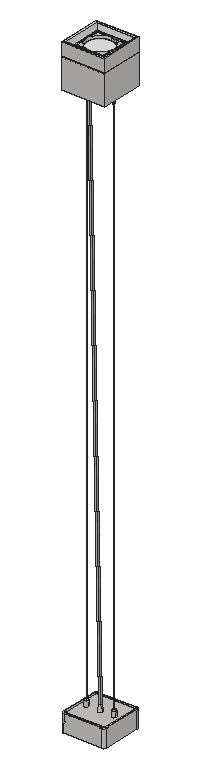
Revit family "Lighting-Luminii-Leto_44_Plus_P_SML (1)", category Lighting Fixtures, host Face, Revit 2023
Family settings
  Host = Face
  Round Connector Dimension = Use Diameter
  Part Type = Normal
  OmniClass Number = 23.80.70.11.14.11
  OmniClass Title = Downlights
  Cut with Voids When Loaded = No
  Light Source = Yes
  Maintain Annotation Orientation = No
  Shared = Yes
  Room Calculation Point = No
Parameters (values of type "Leto 44 Plus P SML")
  Width = 0' - 5 73/128"  # constant formula
  Wattage Comments = "6.5W"
  Wattage = 6.49954 W
  Warranty URL = "https://www.luminii.com/terms-conditions/"
  built-in parameter 1150110 = 1 (stored number, unit not read)
  Voltage Comments = "120V | 277V | 347V"  # constant formula
  Voltage = 120 V
  Version = "2020 - v1.0a"  # constant formula
  URL = "https://www.luminii.com/"
  built-in parameter 1114217 = 1 (stored number, unit not read)
  Tilt Angle = -90.00°  # constant formula
  built-in parameter 1150109 = 1 (stored number, unit not read)
  built-in parameter 1150134 = (empty or 0)
  built-in parameter 1150113 = 1 (stored number, unit not read)
  Support Phone = "224-699-9545"  # constant formula
  Support Email = "mailto:support@bimsmith.com"
  Product Page URL = "https://www.luminii.com/product/leto-44-plus-p-sml/"
  Power Source Type = "Driver"  # constant formula
  Power Factor = 1
  Photometric Web File = "709-A90-610-35-07-00.ies"
  Phase = 1
  Operating Temperature = "Consult Manufacturer Website for more Information"  # constant formula
  Number of Poles = if(and(or(Voltage = 120 V, Voltage = 277 V), Phase = 1), 1, if(and(or(Voltage = 208 V, Voltage = 240 V), Phase = 1), 2, if(and(or(Voltage = 208 V, Voltage = 240 V), Phase = 3), 3, if(and(Voltage > 300 V, Phase = 1), 2, if(and(Voltage > 400 V, Phase = 3), 3, 1)))))  # 1
  Mounting Method = "Ceiling Mount"  # constant formula
  Model = "709"  # constant formula
  Manufacturer Phone Number = "403-216-7043"  # constant formula
  Manufacturer Email = "mailto: info@sensolighting.com"
  Manufacturer Address = "302 50 Ave SE. Calgary, Alberta, T2G 2A9 Canada"  # constant formula
  Manufacturer = "Luminii"  # constant formula
  built-in parameter 1150105 = 55.704 (stored number, unit not read)
  Lumens = 700 lm
  Luminaire Type = "Pendant LED Downlight"  # constant formula
  built-in parameter 1150115 = 1 (stored number, unit not read)
  Load Classification = Lighting
  built-in parameter 1150137 = (empty or 0)
  built-in parameter 1150139 = (empty or 0)
  Lens Material = Plastic - Luminii - Frosted Lens
  Length [instance] = 0' - 5 73/128"  # constant formula
  built-in parameter 1150112 = 1 (stored number, unit not read)
  built-in parameter 1150114 = 1 (stored number, unit not read)
  Lamp Life = 1
  Lamp = "LED"  # constant formula
  Keynote = "26 50 00"
  built-in parameter 1150132 = 2
  built-in parameter 1150102 = (empty or 0)
  built-in parameter 1150107 = 3500 (stored number, unit not read)
  Initial Color Comments = "Perfomance based on 3500K Photometric Web File"  # constant formula
  built-in parameter 1150138 = (empty or 0)
  built-in parameter 1150106 = 0.55704 (stored number, unit not read)
  Housing Protection Rating = "Consult Manufacturer Website for more Information"  # constant formula
  Has Dimming = 1 = 1  # yes
  Has Battery Backup = 0 = 1  # no
  Frequency Comments = ""  # constant formula
  Frequency = 60 Hz
  Finish = Metal - Luminii - Silver Anodized Aluminum
  Environment = "Indoor"  # constant formula
  built-in parameter 1150104 = 10.006 (stored number, unit not read)
  Dimming Type = "Consult Manufacturer Website for more Information"  # constant formula
  Dimming Lamp Color Temperature Shift = <None>
  Description = "High power cube pendant"  # constant formula
  Depth = 0' - 5 73/128"  # constant formula
  Default Elevation = 0' - 0"  # constant formula
  Current Amps = 50 A
  Copyright = "©2023 Luminii"  # constant formula
  Control Zone = "Consult Manufacturer Website for more Information"  # constant formula
  Control Type = "Consult Manufacturer Website for more Information"  # constant formula
  Constraints = 1  # constant formula
  Color Filter = 16777215
  built-in parameter 1114216 [instance] = 0  # (empty or 0)
  Canopy Finish = Metal - Luminii - Silver Anodized Aluminum
  built-in parameter 1140040 [instance] = 1 = 1  # 1
  CCT = "3500K"
  C Canopy Offset [instance] = 0' - 2 9/32"  # constant formula
  Desired Cable Length [instance] = 6' - 0"  # constant formula
  built-in parameter 1114218 = 1 (stored number, unit not read)
  built-in parameter 1150133 = 10 (stored number, unit not read)
  Assembly Code = "D5020200"
  Apparent Load = Wattage / Power Factor  # 6.49954 VA
  Actual Cable Length [instance] = if(Desired Cable Length < 1' 0", 1' 0", if(Desired Cable Length > 8' 0", 8' 0", Desired Cable Length))  # 6' - 0"
Reference planes (in)
  plane 1 "Center (Front/Back)": y = 0
  plane 2: z = 0
  plane 3 "Center (Left/Right)": x = 0
  plane 4: x = 0
  plane 5: x = 0
  plane 6: y = 3.70117
  plane 7: y = -1.86914
  plane 8 "B": z = 2.28125
  plane 9 "A": z = 74.28125
  plane 10: z = 79.85156
Forms (in)
  Extrusion 1, solid, material "Metal - Luminii - Silver Anodized Aluminum", not visible
    sketch origin (0, 0, 0) x (1, 0, 0) y (0, 1, 0)
      loop
        circle (0, 0) r 0.5
    from 0 to -0.17225
  Blend 2, solid, material "Metal - Luminii - Silver Anodized Aluminum"
    base sketch origin (0, 0, 2.99287) x (-1, 0, 0) y (0, -1, 0)
      loop
        circle (0, 0) r 0.115
    top sketch origin (0, 0, 2.99287) x (-1, 0, 0) y (0, -1, 0)
      loop
        circle (0, 1.77184) r 0.115
    from 0 to 70.91436
Dimensions and locks (in)
  equal spacing: plane 4, plane 3 "Center (Left/Right)", plane 5
  plane 6 to plane 1 "Center (Front/Back)" to plane 7 = 0' - 3.70117", 0' - 1.86914"
  plane 4 to plane 5 = 0' - 0"
  "Width": plane 6 to plane 7
  "C Canopy Offset": plane 8 "B" to host face
  "Actual Cable Length": plane 9 "A" to plane 8 "B"
  "Length": plane 10 to plane 9 "A"
  locked: plane 10 to imposter light at 0.89373
  aligned and locked: plane 2 to host face
  aligned and locked: plane 3 "Center (Left/Right)" to Extrusion 1 sketch curve
  aligned and locked: plane 1 "Center (Front/Back)" to Extrusion 1 sketch curve
  aligned and locked: plane 2 to Extrusion 1  (x2)
  aligned and locked: imposter light to plane 3 "Center (Left/Right)"
  aligned and locked: imposter light to plane 1 "Center (Front/Back)"
  aligned and locked: plane 3 "Center (Left/Right)" to nested 1
  aligned and locked: plane 1 "Center (Front/Back)" to nested 1
  aligned and locked: plane 3 "Center (Left/Right)" to nested 2
  aligned and locked: nested 2 to plane 1 "Center (Front/Back)"
  aligned and locked: Blend 2 to nested 1
Automatic sketch dimensions
  host sketch curve to host sketch curve = 8' - 0"  (x2)
  Blend 2 sketch curve to nested 2 = 0' - 1.77184"
  radius of Extrusion 1 sketch curve = 0' - 0 1/2"
  radius of Blend 2 sketch curve = 0' - 0.115"
Nested families (in)
  nested 1: "Nested - Lamp" at (0, 0, 74.28125), type "Nested - Lamp"
  nested 2: "Nested - Canopy" at (0, 0, 0) x (0, 1, 0) z (0, 0, 1), type "Default"
Connectors (in)
  electrical at (0, 0, 0), driven by "Number of Poles", driven by "Load Classification", driven by "Voltage", driven by "Apparent Load", driven by "Power Factor"
    settings: on Extrusion 1, index 1, voltage 120 V, apparent load 6.49954 VA, apparent load phase1 0 VA, apparent load phase2 0 VA, apparent load phase3 0 VA, power factor 1, load classification "Lighting", number of poles 1, system type 30, power factor state 1, is connector primary yes, connector utility no, sub classification motor no, connector description "Power Connection"
Definition of nested family "Nested - Lamp"
  Parameters (values of type "Nested - Lamp")
    Width = 0' - 5.57087"  # constant formula
    Screen Material = none
    Inner Screen = none
    Height = 0' - 6.49606"  # constant formula
    Finish = none
    Default Elevation = 4' - 0"
    Constraint = 3
  Reference planes (in)
    plane 1 "Center (Front/Back)": y = 0
    plane 2: z = 0
    plane 3 "Center (Left/Right)": x = 0
    plane 4: y = 2.78543
    plane 5: y = -2.78543
    plane 6: x = -2.78543
    plane 7: x = 2.78543
  Forms (in)
    Extrusion 1, solid
      sketch origin (0, 0, 0) x (1, 0, 0) y (0, 1, 0)
        loop
          line (-48, 48) -> (-48, -48) -> (48, -48) -> (48, 48) -> (-48, 48)
      from 0 to -12
    Sweep 2, solid, material <- "Finish", detail levels medium+fine
      path origin (-0.03362, 1.25, 6.49606) x (0, 1, 0) y (-1, 0, 0)
        loop
          line (1.53543, -2.81906) -> (1.53543, 2.75181) -> (-4.03543, 2.75181) -> (-4.03543, -2.81906) -> (1.53543, -2.81906)
      profile origin (2.78543, 0, 6.49606) x (1, 0, 0) y (0, 0, 1)
        loop
          line (0, -6.49606) -> (0, -2.69685) -> (-0.04724, -2.69685) -> (-0.04724, -2.57874) -> (0, -2.57874) -> (0, -0.9252) -> (-0.10635, -0.9252) -> (-0.30013, -0.99573) -> (-0.62144, -1.55512) -> (-0.71063, -1.55512) -> (-0.7348, -1.83138)
          arc (-0.7348, -1.83138) -> (-0.77582, -1.8724) -> (-0.81683, -1.83138) r 0.04102
          line (-0.81683, -1.83138) -> (-0.87226, -1.43701) -> (-0.99999, -1.43701) -> (-0.99999, -2.05919) -> (-0.21654, -2.05919) -> (-0.21654, -6.29921) -> (-0.07874, -6.29921) -> (-0.07874, -6.49606) -> (0, -6.49606)
    Extrusion 3, solid, material <- "Screen Material"
      sketch origin (0, 0, 4.51901) x (1, 0, 0) y (0, 1, 0)
        loop
          circle (0, 0) r 1.68742
      from 0.14567 to 0.15757
    Extrusion 4, solid, material <- "Finish"
      sketch origin (1.59205, 1.59205, 3.63189) x (0, -1, 0) y (1, 0, 0)
        loop
          circle (1.59205, -1.59205) r 1.73767
        loop
          line (-0.19339, -3.37749) -> (3.37749, -3.37749) -> (3.37749, 0.19339) -> (-0.19339, 0.19339) -> (-0.19339, -3.37749)
      from 1.03279 to 1.42717
    Extrusion 5, solid, material <- "Finish"
      sketch origin (1.59205, 1.59205, 5.14697) x (0, -1, 0) y (1, 0, 0)
        loop
          circle (1.59205, -1.59205) r 1.73767
      from -0.48228 to -0.62795
    Extrusion 6, solid, material <- "Finish"
      sketch origin (-0.03362, 1.25, 8.28705) x (0, 1, 0) y (-1, 0, 0)
        loop
          line (-3.97638, -2.76) -> (1.47638, -2.76) -> (1.47638, 2.69275) -> (-3.97638, 2.69275) -> (-3.97638, -2.76)
        loop
          line (-3.02788, -0.34859) -> (-1.87992, -0.34859)
          arc (-1.87992, -0.34859) -> (-1.65721, -0.44084) -> (-1.56496, -0.66355) r 0.31496
          line (-1.56496, -0.66355) -> (-1.56496, -1.80493)
          arc (-1.56496, -1.80493) -> (-1.25, -2.11989) -> (-0.93504, -1.80493) r 0.31496
          line (-0.93504, -1.80493) -> (-0.93504, -0.66355)
          arc (-0.93504, -0.66355) -> (-0.84279, -0.44084) -> (-0.62008, -0.34859) r 0.31496
          line (-0.62008, -0.34859) -> (0.5213, -0.34859)
          arc (0.5213, -0.34859) -> (0.83626, -0.03362) -> (0.5213, 0.28134) r 0.31496
          line (0.5213, 0.28134) -> (-0.62008, 0.28134)
          arc (-0.62008, 0.28134) -> (-0.84279, 0.37359) -> (-0.93504, 0.5963) r 0.31496
          line (-0.93504, 0.5963) -> (-0.93504, 1.74425)
          arc (-0.93504, 1.74425) -> (-1.25, 2.05921) -> (-1.56496, 1.74425) r 0.31496
          line (-1.56496, 1.74425) -> (-1.56496, 0.5963)
          arc (-1.56496, 0.5963) -> (-1.65721, 0.37359) -> (-1.87992, 0.28134) r 0.31496
          line (-1.87992, 0.28134) -> (-3.02788, 0.28134)
          arc (-3.02788, 0.28134) -> (-3.34284, -0.03362) -> (-3.02788, -0.34859) r 0.31496
      from -8.1649 to -8.0902
    Extrusion 7, solid, material <- "Finish"
      sketch origin (-0.03362, 1.25, 8.28705) x (0, 1, 0) y (-1, 0, 0)
        loop
          line (-3.97638, -2.76) -> (1.47638, -2.76) -> (1.47638, 2.69275) -> (-3.97638, 2.69275) -> (-3.97638, -2.76)
        loop
          arc (-2.46239, 0.53411) -> (-2.58874, -0.03362) -> (-2.46239, -0.60136) r 1.33874
          arc (-2.46239, -0.60136) -> (-2.3038, -0.65359) -> (-2.2511, -0.49516) r 0.11824
          arc (-2.2511, -0.49516) -> (-2.35236, -0.03034) -> (-2.24833, 0.43387) r 1.10236
          arc (-2.24833, 0.43387) -> (-2.30676, 0.58778) -> (-2.46239, 0.53411) r 0.11824
        loop
          arc (-0.03761, 0.53411) -> (-0.19324, 0.58778) -> (-0.25167, 0.43387) r 0.11824
          arc (-0.25167, 0.43387) -> (-0.14764, -0.03034) -> (-0.2489, -0.49516) r 1.10236
          arc (-0.2489, -0.49516) -> (-0.1962, -0.65359) -> (-0.03761, -0.60136) r 0.11824
          arc (-0.03761, -0.60136) -> (0.08874, -0.03362) -> (-0.03761, 0.53411) r 1.33874
        loop
          arc (-0.68227, -1.24602) -> (-0.6286, -1.09038) -> (-0.78251, -1.03195) r 0.11824
          arc (-0.78251, -1.03195) -> (-1.24671, -1.13598) -> (-1.71153, -1.03472) r 1.10236
          arc (-1.71153, -1.03472) -> (-1.86997, -1.08742) -> (-1.81773, -1.24602) r 0.11824
          arc (-1.81773, -1.24602) -> (-1.25, -1.37236) -> (-0.68227, -1.24602) r 1.33874
        loop
          arc (-0.68227, 1.17877) -> (-1.25, 1.30511) -> (-1.81773, 1.17877) r 1.33874
          arc (-1.81773, 1.17877) -> (-1.86997, 1.02017) -> (-1.71153, 0.96747) r 0.11824
          arc (-1.71153, 0.96747) -> (-1.24671, 1.06873) -> (-0.78251, 0.9647) r 1.10236
          arc (-0.78251, 0.9647) -> (-0.6286, 1.02313) -> (-0.68227, 1.17877) r 0.11824
      from -7.81461 to -7.75481
    Revolve 8, solid
      sketch origin (0.31496, 0, -0.03937) x (1, 0, 0) y (0, 0, 1)
        loop
          line (-2.08661, -1.14219) -> (-1.97806, -1.14219) -> (-1.97806, -0.70819) -> (-1.88961, -0.70819) -> (-1.88961, 0.51181) -> (-2.08661, 0.51181) -> (-2.08661, -1.14219)
        axis (-2.08661, -1.14219) -> (-2.08661, 0.51181)
      angle from 0 to 360
    Revolve 9, solid
      sketch origin (-0.31496, 0, -0.03937) x (-1, 0, 0) y (0, 0, 1)
        loop
          line (-2.08661, -1.14219) -> (-1.97806, -1.14219) -> (-1.97806, -0.70819) -> (-1.88961, -0.70819) -> (-1.88961, 0.51181) -> (-2.08661, 0.51181) -> (-2.08661, -1.14219)
        axis (-2.08661, -1.14219) -> (-2.08661, 0.51181)
      angle from 0 to 360
    Sweep 10, solid, material <- "Finish", detail levels coarse
      path origin (-0.03362, 1.25, 6.49606) x (0, 1, 0) y (-1, 0, 0)
        loop
          line (1.53543, -2.81906) -> (1.53543, 2.75181) -> (-4.03543, 2.75181) -> (-4.03543, -2.81906) -> (1.53543, -2.81906)
      profile origin (2.78543, 0, 6.49606) x (1, 0, 0) y (0, 0, 1)
        loop
          line (0, -6.49606) -> (0, -0.9252) -> (-0.10635, -0.9252) -> (-0.30013, -0.99573) -> (-0.5536, -1.43701) -> (-0.99999, -1.43701) -> (-0.99999, -2.05919) -> (-0.21654, -2.05919) -> (-0.21654, -6.29921) -> (-0.07874, -6.29921) -> (-0.07874, -6.49606) -> (0, -6.49606)
    Extrusion 11, solid
      sketch origin (-0.03362, 1.25, 0.47244) x (-1, 0, 0) y (0, 1, 0)
        loop
          circle (-0.94898, 0.84646) r 0.23
      from 0 to 0.05
    Revolve 12, solid
      sketch origin (0, 0, 0) x (0, 1, 0) y (0, 0, 1)
        loop
          line (-1.77184, -0.37402) -> (-1.77184, 0.47244) -> (-2.06417, 0.47244) -> (-2.06417, 0.35445) -> (-1.94879, -0.37402) -> (-1.77184, -0.37402)
        axis (-1.77184, 0.47244) -> (-1.77184, -0.37402)
      angle from 0 to 360
  Dimensions and locks (in)
    equal spacing: plane 4, plane 1 "Center (Front/Back)", plane 5
    "Width": plane 4 to plane 5
    equal spacing: plane 6, plane 3 "Center (Left/Right)", plane 7
    "Width": plane 6 to plane 7
    aligned and locked: plane 2 to Extrusion 1
    aligned and locked: level to Extrusion 1
    aligned and locked: Sweep 2 sketch curve to plane 7
    aligned and locked: Sweep 2 sketch curve to plane 6
    aligned and locked: Sweep 2 sketch curve to plane 4
    aligned and locked: Sweep 2 sketch curve to plane 5
  Automatic sketch dimensions
    Extrusion 1 sketch curve to Extrusion 1 sketch curve = 8' - 0"  (x2)
    Revolve 8 sketch curve to plane 6 = 0' - 1.01378"
    Revolve 8 sketch curve to Revolve 8 sketch curve = 0' - 0.10856"
    Revolve 8 sketch curve to Revolve 8 sketch curve = 0' - 0.197"
    Revolve 8 sketch curve to level = 0' - 1.18156"
    Revolve 8 sketch curve to Revolve 8 sketch curve = 0' - 0.434"
    level to Revolve 8 sketch curve = 0' - 0.47244"
    Revolve 8 sketch curve to Revolve 8 sketch curve = 0' - 0"  (x2)
    Revolve 8 sketch curve to Revolve 8 sketch curve = 0' - 0.81454"
    plane 7 to Revolve 9 sketch curve = 0' - 1.01378"
    Revolve 9 sketch curve to Revolve 9 sketch curve = 0' - 0.10856"
    Revolve 9 sketch curve to Revolve 9 sketch curve = 0' - 0.197"
    level to Revolve 9 sketch curve = 0' - 1.18156"
    Revolve 9 sketch curve to Revolve 9 sketch curve = 0' - 0.434"
    Revolve 9 sketch curve to level = 0' - 0.47244"
    Revolve 9 sketch curve to Revolve 9 sketch curve = 0' - 0"  (x2)
    Revolve 9 sketch curve to Revolve 9 sketch curve = 0' - 0.81454"
    plane 5 to Sweep 10 sketch curve = 0' - 0"
    Sweep 10 sketch curve to plane 4 = 0' - 0"
    Sweep 10 sketch curve to plane 7 = 0' - 0"
    Sweep 10 sketch curve to plane 6 = 0' - 0"
    Extrusion 7 to Extrusion 11 sketch curve = 0' - 0.62992"
    Extrusion 7 to Extrusion 11 sketch curve = 0' - 1.81102"
    profile plane to Sweep 2 sketch curve = 0' - 0"  (x2)
    profile plane to Sweep 2 sketch curve = 0' - 0.04724"
    profile plane to Sweep 2 sketch curve = 0' - 0.07874"
    profile plane to Sweep 2 sketch curve = 0' - 0.10635"
    profile plane to Sweep 2 sketch curve = 0' - 0.21654"
    Sweep 2 sketch curve to Sweep 2 sketch curve = 0' - 0.19378"
    profile plane to Sweep 2 sketch curve = 0' - 0.62144"
    Sweep 2 sketch curve to Sweep 2 sketch curve = 0' - 0.08919"
    Sweep 2 sketch curve to Sweep 2 sketch curve = 0' - 0.02417"
    Sweep 2 sketch curve to Sweep 2 sketch curve = 0' - 0.04102"
    Sweep 2 sketch curve to Sweep 2 sketch curve = 0' - 0.16163"
    Sweep 2 sketch curve to Sweep 2 sketch curve = 0' - 0.12773"
    Sweep 2 sketch curve to profile plane = 0' - 6.49606"
    Sweep 2 sketch curve to Sweep 2 sketch curve = 0' - 0.19685"
    Sweep 2 sketch curve to profile plane = 0' - 2.69685"
    Sweep 2 sketch curve to Sweep 2 sketch curve = 0' - 0.11811"  (x2)
    Sweep 2 sketch curve to Sweep 2 sketch curve = 0' - 0 133/256"
    Sweep 2 sketch curve to Sweep 2 sketch curve = 0' - 0.22781"
    Sweep 2 sketch curve to Sweep 2 sketch curve = 0' - 0.27626"
    Sweep 2 sketch curve to Sweep 2 sketch curve = 0' - 0.55939"
    Sweep 2 sketch curve to Sweep 2 sketch curve = 0' - 0.07053"
    profile plane to Sweep 10 sketch curve = 0' - 0"
    profile plane to Sweep 10 sketch curve = 0' - 0.07874"
    Sweep 10 sketch curve to Sweep 10 sketch curve = 0' - 0.10635"
    Sweep 10 sketch curve to Sweep 10 sketch curve = 0' - 0.1378"
    Sweep 10 sketch curve to Sweep 10 sketch curve = 0' - 0.19378"
    Sweep 10 sketch curve to Sweep 10 sketch curve = 0' - 0.25347"
    Sweep 10 sketch curve to Sweep 10 sketch curve = 0' - 0.44639"
    Sweep 10 sketch curve to profile plane = 0' - 6.49606"
    Sweep 10 sketch curve to Sweep 10 sketch curve = 0' - 0.19685"
    Sweep 10 sketch curve to profile plane = 0' - 2.05919"
    Sweep 10 sketch curve to Sweep 10 sketch curve = 0' - 0.62218"
    Sweep 10 sketch curve to Sweep 10 sketch curve = 0' - 0.44128"
    Sweep 10 sketch curve to Sweep 10 sketch curve = 0' - 0.07053"
    plane 1 "Center (Front/Back)" to Extrusion 4 sketch curve = 0' - 0"
    Extrusion 4 sketch curve to plane 3 "Center (Left/Right)" = 0' - 0"
    Extrusion 4 sketch curve to plane 4 = 0' - 1"
    Extrusion 4 sketch curve to plane 5 = 0' - 1"
    Extrusion 4 sketch curve to plane 6 = 0' - 1"
    Extrusion 4 sketch curve to plane 7 = 0' - 1"
    plane 1 "Center (Front/Back)" to Extrusion 3 sketch curve = 0' - 0"
    Extrusion 3 sketch curve to plane 3 "Center (Left/Right)" = 0' - 0"
    Revolve 12 sketch curve to plane 5 = 0' - 0.72126"
    Revolve 12 sketch curve to level = 0' - 0.37402"
    Revolve 12 sketch curve to Revolve 12 sketch curve = 0' - 0.11538"
    Revolve 12 sketch curve to Revolve 12 sketch curve = 0' - 0.17695"
    level to Revolve 12 sketch curve = 0' - 0.35445"
    Revolve 12 sketch curve to Revolve 12 sketch curve = 0' - 0.11799"
    Revolve 12 sketch curve to Revolve 12 sketch curve = 0' - 0"  (x2)
    Revolve 12 sketch curve to Revolve 12 sketch curve = 0' - 0.17809"
    Extrusion 7 sketch curve to Extrusion 7 sketch curve = 0' - 0"  (x56)
    plane 1 "Center (Front/Back)" to Extrusion 7 sketch curve = 0' - 0"
    Extrusion 7 sketch curve to plane 3 "Center (Left/Right)" = 0' - 0"
    plane 1 "Center (Front/Back)" to Extrusion 7 sketch curve = 0' - 0.51432"  (x2)
    Extrusion 7 sketch curve to plane 3 "Center (Left/Right)" = 0' - 0.51432"  (x2)
    Extrusion 7 sketch curve to Extrusion 7 sketch curve = 0' - 0.59258"  (x8)
    plane 3 "Center (Left/Right)" to Extrusion 7 sketch curve = 0' - 0.51432"  (x2)
    Extrusion 7 sketch curve to plane 5 = 0' - 0.05906"
    Extrusion 7 sketch curve to plane 1 "Center (Front/Back)" = 0' - 0.51432"  (x2)
    Extrusion 7 sketch curve to plane 4 = 0' - 0.05906"
    Extrusion 7 sketch curve to plane 7 = 0' - 0.05906"
    Extrusion 7 sketch curve to plane 6 = 0' - 0.05906"
    Extrusion 7 sketch curve to Extrusion 7 sketch curve = 0' - 0.05279"  (x2)
    Extrusion 7 sketch curve to Extrusion 7 sketch curve = 0' - 0.05342"  (x4)
    Extrusion 7 sketch curve to Extrusion 7 sketch curve = 0' - 0.10858"  (x2)
    Extrusion 7 sketch curve to Extrusion 7 sketch curve = 0' - 0.10581"  (x2)
    Extrusion 7 sketch curve to Extrusion 7 sketch curve = 0' - 0.10549"  (x4)
    Extrusion 7 sketch curve to Extrusion 7 sketch curve = 0' - 0.04683"  (x2)
    Extrusion 6 sketch curve to plane 3 "Center (Left/Right)" = 0' - 0"  (x2)
    plane 1 "Center (Front/Back)" to Extrusion 6 sketch curve = 0' - 0"  (x2)
    plane 1 "Center (Front/Back)" to Extrusion 6 sketch curve = 0' - 0.31496"
    Extrusion 6 sketch curve to Extrusion 6 sketch curve = 0' - 0.31496"  (x4)
    Extrusion 6 sketch curve to Extrusion 6 sketch curve = 0' - 1.14796"
    Extrusion 6 sketch curve to plane 5 = 0' - 0.05906"
    Extrusion 6 sketch curve to plane 1 "Center (Front/Back)" = 0' - 0.31496"
    Extrusion 6 sketch curve to Extrusion 6 sketch curve = 0' - 1.14138"  (x2)
    Extrusion 6 sketch curve to plane 4 = 0' - 0.05906"
    plane 3 "Center (Left/Right)" to Extrusion 6 sketch curve = 0' - 0.31496"  (x2)
    Extrusion 6 sketch curve to plane 7 = 0' - 0.05906"
    Extrusion 6 sketch curve to plane 6 = 0' - 1.00756"
    Extrusion 6 sketch curve to plane 6 = 0' - 0.05906"
    radius of Extrusion 11 sketch curve = 0' - 0.23"
    radius of Extrusion 4 sketch curve = 0' - 1.73767"
    radius of Extrusion 3 sketch curve = 0' - 1.68742"
Definition of nested family "Nested - Canopy"
  Parameters (values of type "Default")
    Square Canopy = no
    Round Canopy = yes
    Finish = none
    Feed Cable = 0' - 0.23"  # constant formula
    Default Elevation = 0' - 0"
    Cable Length = 6' - 0"
    Base = 0' - 5.67117"
    Aircraft Cable = 0' - 0.05"  # constant formula
  Reference planes (in)
    plane 1 "Center (Front/Back)": y = 0
    plane 2: z = 0
    plane 3 "Center (Left/Right)": x = 0
    plane 4: z = 74.28346
    plane 5: z = 2.28346
    plane 6: x = 2.83559
    plane 7: x = -2.83559
    plane 8: y = -2.83559
    plane 9: y = 2.83559
  Forms (in)
    Sweep 1, solid, material <- "Finish", detail levels medium+fine
      path origin (0, 0, 0) x (1, 0, 0) y (0, 1, 0)
        loop
          arc (-2.41835, 2.83559) -> (-2.71338, 2.71338) -> (-2.83559, 2.41835) r 0.41723
          line (-2.83559, 2.41835) -> (-2.83559, -2.41878)
          arc (-2.83559, -2.41878) -> (-2.71351, -2.71351) -> (-2.41878, -2.83559) r 0.4168
          line (-2.41878, -2.83559) -> (2.41578, -2.83559)
          arc (2.41578, -2.83559) -> (2.71263, -2.71263) -> (2.83559, -2.41578) r 0.41981
          line (2.83559, -2.41578) -> (2.83559, 2.41269)
          arc (2.83559, 2.41269) -> (2.71172, 2.71172) -> (2.41269, 2.83559) r 0.42289
          line (2.41269, 2.83559) -> (-2.41835, 2.83559)
      profile origin (-0.00283, 2.83559, 0) x (0, 1, 0) y (0, 0, 1)
        loop
          line (0, 0) -> (-0.07854, 2.24916)
          arc (-0.07854, 2.24916) -> (-0.08859, 2.27342) -> (-0.11284, 2.28346) r 0.0343
          line (-0.11284, 2.28346) -> (-0.22278, 2.28346) -> (-0.22278, 0) -> (0, 0)
    Extrusion 2, solid, material <- "Finish", detail levels medium+fine
      sketch origin (0, 0, 0) x (1, 0, 0) y (0, 1, 0)
        loop
          arc (-2.41835, 2.6128) -> (-2.55585, 2.55585) -> (-2.6128, 2.41835) r 0.19445
          line (-2.6128, 2.41835) -> (-2.6128, -2.41878)
          arc (-2.6128, -2.41878) -> (-2.55597, -2.55597) -> (-2.41878, -2.6128) r 0.19402
          line (-2.41878, -2.6128) -> (2.41578, -2.6128)
          arc (2.41578, -2.6128) -> (2.55509, -2.55509) -> (2.6128, -2.41578) r 0.19702
          line (2.6128, -2.41578) -> (2.6128, 2.41269)
          arc (2.6128, 2.41269) -> (2.55419, 2.55419) -> (2.41269, 2.6128) r 0.20011
          line (2.41269, 2.6128) -> (-2.41835, 2.6128)
      from 0 to 2.20472
    Revolve 3, solid, detail levels medium+fine
      sketch origin (0, 0, 0) x (0, 1, 0) y (0, 0, 1)
        loop
          line (2.02756, 2.20472) -> (2.02756, 2.80697) -> (1.93924, 2.80697) -> (1.93924, 3.00382) -> (1.77165, 3.00382) -> (1.77165, 2.20472) -> (2.02756, 2.20472)
        axis (1.77165, 2.20472) -> (1.77165, 3.00382)
      angle from 0 to 360
    Revolve 4, solid, detail levels medium+fine
      sketch origin (0, 0, 0) x (0, -1, 0) y (0, 0, 1)
        loop
          line (2.02756, 2.20472) -> (2.02756, 2.80697) -> (1.93924, 2.80697) -> (1.93924, 3.00382) -> (1.77165, 3.00382) -> (1.77165, 2.20472) -> (2.02756, 2.20472)
        axis (1.77165, 2.20472) -> (1.77165, 3.00382)
      angle from 0 to 360
    Revolve 5, solid, detail levels medium+fine
      sketch origin (0, 0, 0) x (0, 1, 0) y (0, 0, 1)
        loop
          line (0, 2.99287) -> (0, 2.20472) -> (0.29574, 2.20472) -> (0.17677, 2.99287) -> (0, 2.99287)
        axis (0, 2.99287) -> (0, 2.20472)
      angle from 0 to 360
    Extrusion 6, solid, material <- "Finish", detail levels coarse
      sketch origin (0, 0, 0) x (1, 0, 0) y (0, 1, 0)
        loop
          line (-2.83559, 2.83559) -> (-2.83559, -2.83559) -> (2.83559, -2.83559) -> (2.83559, 2.83559) -> (-2.83559, 2.83559)
      from 0 to 2.28346
    Revolve 7, solid, detail levels coarse
      sketch origin (0, 0, 0) x (0, 1, 0) y (0, 0, 1)
        loop
          line (2.02756, 2.28346) -> (2.02756, 2.80697) -> (1.93924, 2.80697) -> (1.93924, 3.00382) -> (1.77165, 3.00382) -> (1.77165, 2.28346) -> (2.02756, 2.28346)
        axis (1.77165, 2.28346) -> (1.77165, 3.00382)
      angle from 0 to 360
    Revolve 8, solid, detail levels coarse
      sketch origin (0, 0, 0) x (0, -1, 0) y (0, 0, 1)
        loop
          line (2.02756, 2.28346) -> (2.02756, 2.80697) -> (1.93924, 2.80697) -> (1.93924, 3.00382) -> (1.77165, 3.00382) -> (1.77165, 2.28346) -> (2.02756, 2.28346)
        axis (1.77165, 2.28346) -> (1.77165, 3.00382)
      angle from 0 to 360
    Revolve 9, solid, detail levels coarse
      sketch origin (0, 0, 0) x (0, 1, 0) y (0, 0, 1)
        loop
          line (0, 2.99287) -> (0, 2.28346) -> (0.28386, 2.28346) -> (0.17677, 2.99287) -> (0, 2.99287)
        axis (0, 2.99287) -> (0, 2.28346)
      angle from 0 to 360
    Extrusion 10, solid
      sketch origin (0, 0, 0) x (1, 0, 0) y (0, 1, 0)
        loop
          circle (0, 1.77165) r 0.025
        loop
          circle (0, -1.77165) r 0.025
      from 3.00382 to 74.28346
  Dimensions and locks (in)
    "Cable Length": plane 5 to plane 4
    equal spacing: plane 7, plane 3 "Center (Left/Right)", plane 6
    equal spacing: plane 9, plane 1 "Center (Front/Back)", plane 8
    "Base": plane 9 to plane 8
    "Base": plane 7 to plane 6
    aligned and locked: plane 2 to level
    aligned and locked: Sweep 1 sketch curve to plane 9
    aligned and locked: Sweep 1 sketch curve to plane 7
    aligned and locked: Sweep 1 sketch curve to plane 8
    aligned and locked: Sweep 1 sketch curve to plane 6
    aligned and locked: Extrusion 6 sketch curve to plane 9
    aligned and locked: Extrusion 6 sketch curve to plane 7
    aligned and locked: Extrusion 6 sketch curve to plane 8
    aligned and locked: Extrusion 6 sketch curve to plane 6
    aligned and locked: Extrusion 10 to Revolve 3
    aligned and locked: plane 4 to Extrusion 10
  Automatic sketch dimensions
    Sweep 1 sketch curve to plane 7 = 0' - 0.4168"
    Sweep 1 sketch curve to plane 7 = 0' - 0.41723"
    Sweep 1 sketch curve to Sweep 1 sketch curve = 0' - 0.42289"
    Sweep 1 sketch curve to plane 6 = 0' - 0.41981"
    Sweep 1 sketch curve to level = 0' - 0"
    Sweep 1 sketch curve to profile plane = 0' - 0"
    profile plane to Sweep 1 sketch curve = 0' - 0.07854"
    Sweep 1 sketch curve to Sweep 1 sketch curve = 0' - 0.0343"
    profile plane to Sweep 1 sketch curve = 0' - 0.22278"
    level to Sweep 1 sketch curve = 0' - 2.24916"
    Extrusion 2 sketch curve to plane 7 = 0' - 0.22278"
    Extrusion 2 sketch curve to plane 8 = 0' - 0.22278"
    Extrusion 2 sketch curve to Extrusion 2 sketch curve = 0' - 0.19402"
    Extrusion 2 sketch curve to plane 9 = 0' - 0.22278"
    Extrusion 2 sketch curve to Extrusion 2 sketch curve = 0' - 0.19445"
    Extrusion 2 sketch curve to plane 6 = 0' - 0.42289"
    Extrusion 2 sketch curve to plane 6 = 0' - 0.41981"
    Extrusion 2 sketch curve to Extrusion 2 sketch curve = 0' - 0.19702"
    plane 5 to Revolve 3 sketch curve = 0' - 0.07874"
    Revolve 3 sketch curve to plane 9 = 0' - 1.06393"
    Revolve 3 sketch curve to Revolve 3 sketch curve = 0' - 0.16759"
    Revolve 3 sketch curve to Revolve 3 sketch curve = 0' - 0.08831"
    Revolve 3 sketch curve to plane 5 = 0' - 0.5235"
    Revolve 3 sketch curve to Revolve 3 sketch curve = 0' - 0.19685"
    Revolve 3 sketch curve to Revolve 3 sketch curve = 0' - 0"  (x2)
    Revolve 3 sketch curve to Revolve 3 sketch curve = 0' - 0.11398"
    Revolve 4 sketch curve to plane 5 = 0' - 0.07874"
    plane 8 to Revolve 4 sketch curve = 0' - 1.06393"
    Revolve 4 sketch curve to Revolve 4 sketch curve = 0' - 0.16759"
    Revolve 4 sketch curve to Revolve 4 sketch curve = 0' - 0.08831"
    plane 5 to Revolve 4 sketch curve = 0' - 0.5235"
    Revolve 4 sketch curve to Revolve 4 sketch curve = 0' - 0.19685"
    Revolve 4 sketch curve to Revolve 4 sketch curve = 0' - 0"  (x2)
    Revolve 4 sketch curve to Revolve 4 sketch curve = 0' - 0.11398"
    Revolve 5 sketch curve to plane 1 "Center (Front/Back)" = 0' - 0"  (x2)
    Revolve 5 sketch curve to Revolve 5 sketch curve = 0' - 0.17677"
    plane 5 to Revolve 5 sketch curve = 0' - 0.07874"
    Revolve 5 sketch curve to plane 1 "Center (Front/Back)" = 0' - 0.29574"
    Revolve 5 sketch curve to plane 5 = 0' - 0.70941"
    Revolve 5 sketch curve to Revolve 5 sketch curve = 0' - 0.15349"
    Revolve 5 sketch curve to Revolve 5 sketch curve = 0' - 0 1/4"
    plane 5 to Revolve 7 sketch curve = 0' - 0"
    Revolve 7 sketch curve to plane 9 = 0' - 1.06393"
    Revolve 7 sketch curve to Revolve 7 sketch curve = 0' - 0.16759"
    Revolve 7 sketch curve to Revolve 7 sketch curve = 0' - 0.08831"
    Revolve 7 sketch curve to plane 5 = 0' - 0.5235"
    Revolve 7 sketch curve to Revolve 7 sketch curve = 0' - 0.19685"
    Revolve 7 sketch curve to Revolve 7 sketch curve = 0' - 0"  (x2)
    Revolve 7 sketch curve to Revolve 7 sketch curve = 0' - 0.11398"
    Revolve 9 sketch curve to plane 1 "Center (Front/Back)" = 0' - 0"  (x2)
    plane 5 to Revolve 9 sketch curve = 0' - 0"
    Revolve 9 sketch curve to Revolve 9 sketch curve = 0' - 0.17677"
    Revolve 9 sketch curve to plane 1 "Center (Front/Back)" = 0' - 0.28386"
    Revolve 9 sketch curve to Revolve 9 sketch curve = 0' - 0.70941"
    Revolve 9 sketch curve to Revolve 9 sketch curve = 0' - 0.15349"
    Revolve 9 sketch curve to Revolve 9 sketch curve = 0' - 0 1/4"
    plane 5 to Revolve 8 sketch curve = 0' - 0"
    plane 8 to Revolve 8 sketch curve = 0' - 1.06393"
    Revolve 8 sketch curve to Revolve 8 sketch curve = 0' - 0.16759"
    Revolve 8 sketch curve to Revolve 8 sketch curve = 0' - 0.08831"
    Revolve 8 sketch curve to Revolve 8 sketch curve = 0' - 0.5235"
    Revolve 8 sketch curve to Revolve 8 sketch curve = 0' - 0.19685"
    Revolve 8 sketch curve to Revolve 8 sketch curve = 0' - 0"  (x2)
    Revolve 8 sketch curve to Revolve 8 sketch curve = 0' - 0.11398"
    Extrusion 10 sketch curve to plane 3 "Center (Left/Right)" = 0' - 0"  (x2)
    Extrusion 10 sketch curve to plane 8 = 0' - 1.06393"
    Extrusion 10 sketch curve to plane 9 = 0' - 1.06393"
    radius of Extrusion 10 sketch curve = 0' - 0.025"  (x2)
